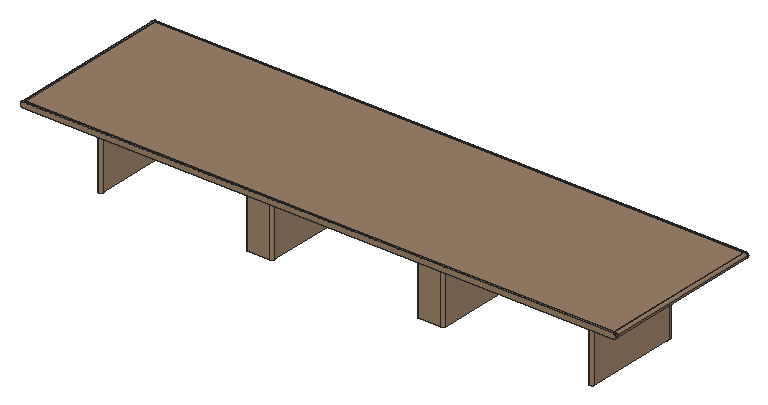
Revit family "Table-Teknion-CFTBFG_Figure_Table_Rectangular_Gable_Leg_Bullnose_Flat_Edge-R2023", category Furniture, Revit 2023 (continued)
Lines and regions (in)
  symbolic lines, style "FurnitureHiddenLines", visible <- "Softened Panel 2", detail levels medium+fine
    curve 351: arc (26, -17, 28) -> (26.29289, -17.70711, 28) -> (27, -18, 28) r 1
    curve 352: line (27, -18, 28) -> (35, -18, 28)
    curve 353: arc (35, -18, 28) -> (35.70711, -17.70711, 28) -> (36, -17, 28) r 1
    curve 354: line (35.25, 17.25, 28) -> (26.75, 17.25, 28)
    curve 355: line (26.75, 17.25, 28) -> (26.75, -17.25, 28)
    curve 356: line (26.75, -17.25, 28) -> (35.25, -17.25, 28)
    curve 357: line (35.25, -17.25, 28) -> (35.25, 17.25, 28)
    curve 398: line (88, 12, 0) -> (36, 12, 0)
    curve 399: line (88, 10.932, 0) -> (36, 10.932, 0)
    curve 400: line (88, 9, 0) -> (36, 9, 0)
    curve 401: line (-88, 7.932, 0) -> (-36, 7.932, 0)
    curve 402: line (88, -7.932, 0) -> (36, -7.932, 0)
    curve 403: line (88, -9, 0) -> (36, -9, 0)
    curve 404: line (-88, -10.932, 0) -> (-36, -10.932, 0)
    curve 405: line (88, -12, 0) -> (36, -12, 0)
    curve 406: line (-36, 12, 0) -> (-88, 12, 0)
    curve 407: line (-36, 10.932, 0) -> (-88, 10.932, 0)
    curve 408: line (-36, 9, 0) -> (-88, 9, 0)
    curve 409: line (-26, 7.932, 0) -> (26, 7.932, 0)
    curve 410: line (-36, -7.932, 0) -> (-88, -7.932, 0)
    curve 411: line (-36, -9, 0) -> (-88, -9, 0)
    curve 412: line (-26, -10.932, 0) -> (26, -10.932, 0)
    curve 413: line (-36, -12, 0) -> (-88, -12, 0)
    curve 414: line (26, 12, 0) -> (-26, 12, 0)
    curve 415: line (26, 10.932, 0) -> (-26, 10.932, 0)
    curve 416: line (26, 9, 0) -> (-26, 9, 0)
    curve 417: line (26, -9, 0) -> (-26, -9, 0)
    curve 418: line (26, -7.932, 0) -> (-26, -7.932, 0)
    curve 419: line (26, -12, 0) -> (-26, -12, 0)
    curve 420: line (36, 7.932, 0) -> (88, 7.932, 0)
    curve 421: line (36, -10.932, 0) -> (88, -10.932, 0)
  symbolic lines, style "FurnitureHiddenLines", visible <- "2D - Softened 2 + 36" Panel Width", detail levels medium+fine
    curve 258: line (-28.5, 5, 28) -> (-33.5, 5, 28)
    curve 259: line (-33.5, -5, 28) -> (-28.5, -5, 28)
    curve 260: line (-34, -4.5, 28) -> (-34, -2.64575, 28)
    curve 261: line (-34, 2.64575, 28) -> (-34, 4.5, 28)
    curve 262: arc (-34, 4.5, 28) -> (-33.85355, 4.85355, 28) -> (-33.5, 5, 28) r 0.5
    curve 263: arc (-28.5, 5, 28) -> (-28.14645, 4.85355, 28) -> (-28, 4.5, 28) r 0.5
    curve 264: line (-28, 4.5, 28) -> (-28, 2.64575, 28)
    curve 265: line (-28, -2.64575, 28) -> (-28, -4.5, 28)
    curve 266: arc (-28, -4.5, 28) -> (-28.14645, -4.85355, 28) -> (-28.5, -5, 28) r 0.5
    curve 267: arc (-33.5, -5, 28) -> (-33.85355, -4.85355, 28) -> (-34, -4.5, 28) r 0.5
    curve 358: line (33.5, 5, 28) -> (28.5, 5, 28)
    curve 359: line (28.5, -5, 28) -> (33.5, -5, 28)
    curve 360: line (28, -4.5, 28) -> (28, -2.64575, 28)
    curve 361: line (28, 2.64575, 28) -> (28, 4.5, 28)
    curve 362: arc (28, 4.5, 28) -> (28.14645, 4.85355, 28) -> (28.5, 5, 28) r 0.5
    curve 363: arc (33.5, 5, 28) -> (33.85355, 4.85355, 28) -> (34, 4.5, 28) r 0.5
    curve 364: line (34, 4.5, 28) -> (34, 2.64575, 28)
    curve 365: line (34, -2.64575, 28) -> (34, -4.5, 28)
    curve 366: arc (34, -4.5, 28) -> (33.85355, -4.85355, 28) -> (33.5, -5, 28) r 0.5
    curve 367: arc (28.5, -5, 28) -> (28.14645, -4.85355, 28) -> (28, -4.5, 28) r 0.5
  symbolic lines, style "FurnitureHiddenLines", visible <- "2D - Softened 2 + 30" Panel Width", detail levels medium+fine
    curve 268: line (-35.25, 4, 28) -> (-36, 4, 28)
    curve 269: line (-36, 3, 28) -> (-35.25, 3, 28)
    curve 270: line (-36, -3, 28) -> (-35.25, -3, 28)
    curve 271: line (-36, -4, 28) -> (-35.25, -4, 28)
    curve 272: line (-26.75, -3, 28) -> (-26, -3, 28)
    curve 273: line (-26.75, 3, 28) -> (-26, 3, 28)
    curve 274: line (-34, 4.5, 28) -> (-34, -4.5, 28)
    curve 275: line (-28, -4.5, 28) -> (-28, 4.5, 28)
    curve 276: line (-28.5, -5, 28) -> (-33.5, -5, 28)
    curve 277: line (-33.5, 5, 28) -> (-28.5, 5, 28)
    curve 278: arc (-28.5, 5, 28) -> (-28.14645, 4.85355, 28) -> (-28, 4.5, 28) r 0.5
    curve 279: arc (-34, 4.5, 28) -> (-33.85355, 4.85355, 28) -> (-33.5, 5, 28) r 0.5
    curve 280: arc (-33.5, -5, 28) -> (-33.85355, -4.85355, 28) -> (-34, -4.5, 28) r 0.5
    curve 281: arc (-28, -4.5, 28) -> (-28.14645, -4.85355, 28) -> (-28.5, -5, 28) r 0.5
    curve 368: line (26.75, 4, 28) -> (26, 4, 28)
    curve 369: line (26, 3, 28) -> (26.75, 3, 28)
    curve 370: line (26, -3, 28) -> (26.75, -3, 28)
    curve 371: line (26, -4, 28) -> (26.75, -4, 28)
    curve 372: line (35.25, -3, 28) -> (36, -3, 28)
    curve 373: line (35.25, 3, 28) -> (36, 3, 28)
    curve 374: line (28, 4.5, 28) -> (28, -4.5, 28)
    curve 375: line (34, -4.5, 28) -> (34, 4.5, 28)
    curve 376: line (33.5, -5, 28) -> (28.5, -5, 28)
    curve 377: line (28.5, 5, 28) -> (33.5, 5, 28)
    curve 378: arc (33.5, 5, 28) -> (33.85355, 4.85355, 28) -> (34, 4.5, 28) r 0.5
    curve 379: arc (28, 4.5, 28) -> (28.14645, 4.85355, 28) -> (28.5, 5, 28) r 0.5
    curve 380: arc (28.5, -5, 28) -> (28.14645, -4.85355, 28) -> (28, -4.5, 28) r 0.5
    curve 381: arc (34, -4.5, 28) -> (33.85355, -4.85355, 28) -> (33.5, -5, 28) r 0.5
  symbolic lines, style "FurnitureHiddenLines", visible <- "Softened Panel 2", detail levels fine
    curve 282: arc (-35.14645, 16.646, 28) -> (-34.64645, 17.146, 28) -> (-34.14645, 16.646, 28) r 0.5
    curve 283: arc (-34.14645, 16.646, 28) -> (-34.64645, 16.146, 28) -> (-35.14645, 16.646, 28) r 0.5
    curve 284: arc (-27.85355, 16.646, 28) -> (-27.35355, 17.146, 28) -> (-26.85355, 16.646, 28) r 0.5
    curve 285: arc (-26.85355, 16.646, 28) -> (-27.35355, 16.146, 28) -> (-27.85355, 16.646, 28) r 0.5
    curve 286: arc (-26.85355, -16.646, 28) -> (-27.35355, -16.146, 28) -> (-27.85355, -16.646, 28) r 0.5
    curve 287: arc (-27.85355, -16.646, 28) -> (-27.35355, -17.146, 28) -> (-26.85355, -16.646, 28) r 0.5
    curve 288: arc (-34.14645, -16.646, 28) -> (-34.64645, -16.146, 28) -> (-35.14645, -16.646, 28) r 0.5
    curve 289: arc (-35.14645, -16.646, 28) -> (-34.64645, -17.146, 28) -> (-34.14645, -16.646, 28) r 0.5
    curve 382: arc (26.85355, 16.646, 28) -> (27.35355, 17.146, 28) -> (27.85355, 16.646, 28) r 0.5
    curve 383: arc (27.85355, 16.646, 28) -> (27.35355, 16.146, 28) -> (26.85355, 16.646, 28) r 0.5
    curve 384: arc (34.14645, 16.646, 28) -> (34.64645, 17.146, 28) -> (35.14645, 16.646, 28) r 0.5
    curve 385: arc (35.14645, 16.646, 28) -> (34.64645, 16.146, 28) -> (34.14645, 16.646, 28) r 0.5
    curve 386: arc (35.14645, -16.646, 28) -> (34.64645, -16.146, 28) -> (34.14645, -16.646, 28) r 0.5
    curve 387: arc (34.14645, -16.646, 28) -> (34.64645, -17.146, 28) -> (35.14645, -16.646, 28) r 0.5
    curve 388: arc (27.85355, -16.646, 28) -> (27.35355, -16.146, 28) -> (26.85355, -16.646, 28) r 0.5
    curve 389: arc (26.85355, -16.646, 28) -> (27.35355, -17.146, 28) -> (27.85355, -16.646, 28) r 0.5
  symbolic lines, style "FurnitureHiddenLines", visible <- "Hexa Panel 2", detail levels medium+fine
    curve 290: line (30.32505, 18, 0) -> (31.67495, 18, 0)
    curve 291: line (36, 7.27625, 0) -> (31.67495, 18, 0)
    curve 292: line (30.32505, 18, 0) -> (26, 7.27625, 0)
    curve 293: line (36, -7.27625, 0) -> (36, 7.27625, 0)
    curve 294: line (26, 7.27625, 0) -> (26, -7.27625, 0)
    curve 295: line (31.67495, -18, 0) -> (36, -7.27625, 0)
    curve 296: line (26, -7.27625, 0) -> (30.32505, -18, 0)
    curve 297: line (30.32505, -18, 0) -> (31.67495, -18, 0)
    curve 298: line (31.89772, 17.13189, 0) -> (30.10228, 17.13189, 0)
    curve 299: line (30.10228, 17.13189, 0) -> (26.11811, 7.25333, 0)
    curve 300: line (26.11811, 7.25333, 0) -> (26.11811, -7.25333, 0)
    curve 301: line (26.11811, -7.25333, 0) -> (30.10228, -17.13189, 0)
    curve 302: line (30.10228, -17.13189, 0) -> (31.89772, -17.13189, 0)
    curve 303: line (31.89772, -17.13189, 0) -> (35.88189, -7.25333, 0)
    curve 304: line (35.88189, -7.25333, 0) -> (35.88189, 7.25333, 0)
    curve 305: line (35.88189, 7.25333, 0) -> (31.89772, 17.13189, 0)
    curve 318: line (-31.67495, 18, 0) -> (-30.32505, 18, 0)
    curve 319: line (-26, 7.27625, 0) -> (-30.32505, 18, 0)
    curve 320: line (-31.67495, 18, 0) -> (-36, 7.27625, 0)
    curve 321: line (-26, -7.27625, 0) -> (-26, 7.27625, 0)
    curve 322: line (-36, 7.27625, 0) -> (-36, -7.27625, 0)
    curve 323: line (-30.32505, -18, 0) -> (-26, -7.27625, 0)
    curve 324: line (-36, -7.27625, 0) -> (-31.67495, -18, 0)
    curve 325: line (-31.67495, -18, 0) -> (-30.32505, -18, 0)
    curve 326: line (-30.10228, 17.13189, 0) -> (-31.89772, 17.13189, 0)
    curve 327: line (-31.89772, 17.13189, 0) -> (-35.88189, 7.25333, 0)
    curve 328: line (-35.88189, 7.25333, 0) -> (-35.88189, -7.25333, 0)
    curve 329: line (-35.88189, -7.25333, 0) -> (-31.89772, -17.13189, 0)
    curve 330: line (-31.89772, -17.13189, 0) -> (-30.10228, -17.13189, 0)
    curve 331: line (-30.10228, -17.13189, 0) -> (-26.11811, -7.25333, 0)
    curve 332: line (-26.11811, -7.25333, 0) -> (-26.11811, 7.25333, 0)
    curve 333: line (-26.11811, 7.25333, 0) -> (-30.10228, 17.13189, 0)
    curve 422: line (88, 12, 0) -> (34.09484, 12, 0)
    curve 423: line (88, 10.932, 0) -> (34.52558, 10.932, 0)
    curve 424: line (88, 9, 0) -> (35.30479, 9, 0)
    curve 425: line (-88, 7.932, 0) -> (-35.73553, 7.932, 0)
    curve 426: line (88, -7.932, 0) -> (35.73553, -7.932, 0)
    curve 427: line (88, -9, 0) -> (35.30479, -9, 0)
    curve 428: line (-88, -10.932, 0) -> (-34.52558, -10.932, 0)
    curve 429: line (88, -12, 0) -> (34.09484, -12, 0)
    curve 430: line (-34.09484, 12, 0) -> (-88, 12, 0)
    curve 431: line (-34.52558, 10.932, 0) -> (-88, 10.932, 0)
    curve 432: line (-35.30479, 9, 0) -> (-88, 9, 0)
    curve 433: line (-26.26447, 7.932, 0) -> (26.26447, 7.932, 0)
    curve 434: line (-35.73553, -7.932, 0) -> (-88, -7.932, 0)
    curve 435: line (-35.30479, -9, 0) -> (-88, -9, 0)
    curve 436: line (-34.09484, -12, 0) -> (-88, -12, 0)
    curve 437: line (-27.47442, -10.932, 0) -> (27.47442, -10.932, 0)
    curve 438: line (27.90516, 12, 0) -> (-27.90516, 12, 0)
    curve 439: line (27.47442, 10.932, 0) -> (-27.47442, 10.932, 0)
    curve 440: line (26.69521, 9, 0) -> (-26.69521, 9, 0)
    curve 441: line (35.73553, 7.932, 0) -> (88, 7.932, 0)
    curve 442: line (26.69521, -9, 0) -> (-26.69521, -9, 0)
    curve 443: line (26.26447, -7.932, 0) -> (-26.26447, -7.932, 0)
    curve 444: line (34.52558, -10.932, 0) -> (88, -10.932, 0)
    curve 445: line (27.90516, -12, 0) -> (-27.90516, -12, 0)
  symbolic lines, style "FurnitureHiddenLines", visible <- "Hexa Panel 2", detail levels fine
    curve 306: arc (30.5, 15.5, 0) -> (31, 16, 0) -> (31.5, 15.5, 0) r 0.5
    curve 307: arc (31.5, 15.5, 0) -> (31, 15, 0) -> (30.5, 15.5, 0) r 0.5
    curve 308: arc (26.59057, 7.06461, 0) -> (27.09057, 7.56461, 0) -> (27.59057, 7.06461, 0) r 0.5
    curve 309: arc (27.59057, 7.06461, 0) -> (27.09057, 6.56461, 0) -> (26.59057, 7.06461, 0) r 0.5
    curve 310: arc (34.40943, 7.06461, 0) -> (34.90943, 7.56461, 0) -> (35.40943, 7.06461, 0) r 0.5
    curve 311: arc (35.40943, 7.06461, 0) -> (34.90943, 6.56461, 0) -> (34.40943, 7.06461, 0) r 0.5
    curve 312: arc (27.59057, -7.06461, 0) -> (27.09057, -6.56461, 0) -> (26.59057, -7.06461, 0) r 0.5
    curve 313: arc (26.59057, -7.06461, 0) -> (27.09057, -7.56461, 0) -> (27.59057, -7.06461, 0) r 0.5
    curve 314: arc (35.40943, -7.06461, 0) -> (34.90943, -6.56461, 0) -> (34.40943, -7.06461, 0) r 0.5
    curve 315: arc (34.40943, -7.06461, 0) -> (34.90943, -7.56461, 0) -> (35.40943, -7.06461, 0) r 0.5
    curve 316: arc (31.5, -15.5, 0) -> (31, -15, 0) -> (30.5, -15.5, 0) r 0.5
    curve 317: arc (30.5, -15.5, 0) -> (31, -16, 0) -> (31.5, -15.5, 0) r 0.5
    curve 334: arc (-31.5, 15.5, 0) -> (-31, 16, 0) -> (-30.5, 15.5, 0) r 0.5
    curve 335: arc (-30.5, 15.5, 0) -> (-31, 15, 0) -> (-31.5, 15.5, 0) r 0.5
    curve 336: arc (-35.40943, 7.06461, 0) -> (-34.90943, 7.56461, 0) -> (-34.40943, 7.06461, 0) r 0.5
    curve 337: arc (-34.40943, 7.06461, 0) -> (-34.90943, 6.56461, 0) -> (-35.40943, 7.06461, 0) r 0.5
    curve 338: arc (-27.59057, 7.06461, 0) -> (-27.09057, 7.56461, 0) -> (-26.59057, 7.06461, 0) r 0.5
    curve 339: arc (-26.59057, 7.06461, 0) -> (-27.09057, 6.56461, 0) -> (-27.59057, 7.06461, 0) r 0.5
    curve 340: arc (-34.40943, -7.06461, 0) -> (-34.90943, -6.56461, 0) -> (-35.40943, -7.06461, 0) r 0.5
    curve 341: arc (-35.40943, -7.06461, 0) -> (-34.90943, -7.56461, 0) -> (-34.40943, -7.06461, 0) r 0.5
    curve 342: arc (-26.59057, -7.06461, 0) -> (-27.09057, -6.56461, 0) -> (-27.59057, -7.06461, 0) r 0.5
    curve 343: arc (-27.59057, -7.06461, 0) -> (-27.09057, -7.56461, 0) -> (-26.59057, -7.06461, 0) r 0.5
    curve 344: arc (-30.5, -15.5, 0) -> (-31, -15, 0) -> (-31.5, -15.5, 0) r 0.5
    curve 345: arc (-31.5, -15.5, 0) -> (-31, -16, 0) -> (-30.5, -15.5, 0) r 0.5
  symbolic lines, style "FurnitureHiddenLines", visible <- "N - No Central Base", detail levels medium+fine
    curve 390: line (88, 12, 0) -> (-88, 12, 0)
    curve 391: line (88, 10.932, 0) -> (-88, 10.932, 0)
    curve 392: line (88, 9, 0) -> (-88, 9, 0)
    curve 393: line (-88, 7.932, 0) -> (88, 7.932, 0)
    curve 394: line (88, -7.932, 0) -> (-88, -7.932, 0)
    curve 395: line (-88, -10.932, 0) -> (88, -10.932, 0)
    curve 396: line (88, -12, 0) -> (-88, -12, 0)
    curve 397: line (88, -9, 0) -> (-88, -9, 0)
  symbolic lines, style "FurnitureHiddenLines", detail levels fine
    curve 490: arc (89, 16, 0) -> (89.5, 16.5, 0) -> (89, 17, 0) r 0.5
    curve 491: arc (89, 17, 0) -> (88.5, 16.5, 0) -> (89, 16, 0) r 0.5
    curve 492: arc (89, -17, 0) -> (89.5, -16.5, 0) -> (89, -16, 0) r 0.5
    curve 493: arc (89, -16, 0) -> (88.5, -16.5, 0) -> (89, -17, 0) r 0.5
    curve 494: arc (-89, 16, 0) -> (-88.5, 16.5, 0) -> (-89, 17, 0) r 0.5
    curve 495: arc (-89, 17, 0) -> (-89.5, 16.5, 0) -> (-89, 16, 0) r 0.5
    curve 496: arc (-89, -17, 0) -> (-88.5, -16.5, 0) -> (-89, -16, 0) r 0.5
    curve 497: arc (-89, -16, 0) -> (-89.5, -16.5, 0) -> (-89, -17, 0) r 0.5
Dimensions and locks (in)
  "Width": plane 4 "Left" to plane 5 "Right"
  "Depth": plane 6 "Back" to plane 7 "Front"
  locked: plane 8 "Top" to level at 29
  equal spacing: plane 6 "Back", plane 1 "Center Front/Back", plane 7 "Front"
  equal spacing: plane 4 "Left", plane 3 "Center Left/Right", plane 5 "Right"
  locked: plane 6 "Back" to Sweep 1 sketch curve at 0.56299
  locked: plane 7 "Front" to Sweep 1 sketch curve at 0.56299
  Sweep 1 sketch curve to Sweep 1 sketch curve to plane 5 "Right" = 0.250" locked, 1.000" locked
  plane 8 "Top" to Sweep 1 sketch curve to Sweep 1 sketch curve = 1.000" locked, 1.000" locked  (x2)
  Sweep 1 sketch curve to Sweep 1 sketch curve to plane 4 "Left" = 0.250" locked, 1.000" locked
  locked: plane 8 "Top" to Sweep 2 sketch curve at 2
  locked: plane 4 "Left" to Sweep 2 sketch curve at 1.25
  locked: plane 6 "Back" to Sweep 2 sketch curve at 0.56299
  locked: plane 7 "Front" to Sweep 2 sketch curve at 0.56299
  locked: Sweep 2 sketch curve to plane 5 "Right" at 1.25
  plane 8 "Top" to Sweep 3 sketch curve to Sweep 3 sketch curve = 1.500" locked, 1.000" locked
  locked: plane 4 "Left" to Sweep 3 sketch curve at 6
  locked: plane 7 "Front" to Sweep 3 sketch curve at 6
  locked: plane 6 "Back" to Sweep 3 sketch curve at 6
  locked: Sweep 3 sketch curve to plane 5 "Right" at 6
  Sweep 4 sketch curve to Sweep 4 sketch curve to plane 8 "Top" = 0.750" locked, 1.500" locked
  locked: plane 4 "Left" to Sweep 4 sketch curve at 8
  locked: Sweep 4 sketch curve to plane 5 "Right" at 8
  locked: plane 6 "Back" to Sweep 4 sketch curve at 8
  locked: plane 7 "Front" to Sweep 4 sketch curve at 8
  Sweep 5 sketch curve to Sweep 5 sketch curve to Sweep 5 sketch curve to Sweep 5 sketch curve = 1.068" locked, 1.932" locked, 1.068" locked  (x2)
  plane 8 "Top" to Sweep 5 sketch curve to Sweep 5 sketch curve = 2.250" locked, 8.000" locked
  Sweep 6 sketch curve to Sweep 6 sketch curve to plane 8 "Top" = 14.000" locked, 2.000" locked
  plane 4 "Left" to plane 9 = 19.000"
  plane 10 to plane 5 "Right" = 19.000"
  "Dim 1": plane 4 "Left" to plane 11
  "Dim 1": plane 12 to plane 5 "Right"
  locked: Sweep 7 sketch curve to plane 2 at 14
  "Cut - Central Base - Hexa 1": Sweep 7 sketch curve to Sweep 7 sketch curve
  Sweep 7 sketch curve to Sweep 7 sketch curve to plane 3 "Center Left/Right" to Sweep 7 sketch curve to Sweep 7 sketch curve = 2.31906" locked, 2.68094" locked, 2.68094" locked, 2.31906" locked  (x2)
  plane 7 "Front" to Sweep 7 sketch curve to Sweep 7 sketch curve = 16.97375" locked, 5.750" locked
  plane 6 "Back" to Sweep 7 sketch curve to Sweep 7 sketch curve = 16.97375" locked, 5.750" locked
  locked: plane 7 "Front" to Sweep 8 sketch curve at 0.56299
  locked: Sweep 8 sketch curve to plane 4 "Left" at 1
  locked: plane 8 "Top" to Sweep 8 sketch curve at 2
  locked: Sweep 8 sketch curve to plane 5 "Right" at 1
  locked: plane 6 "Back" to Sweep 9 sketch curve at 0.56299
  locked: plane 8 "Top" to Sweep 9 sketch curve at 2
  locked: Sweep 9 sketch curve to plane 5 "Right" at 1
  locked: Sweep 9 sketch curve to plane 4 "Left" at 1
  equal spacing: plane 4 "Left", plane 13, plane 14, plane 5 "Right"
  locked: plane 8 "Top" to plane 15 at 1
  locked: plane 8 "Top" to Sweep 10 sketch curve at 5.5
  "Cut - WK - 2 & 3 AF": Sweep 10 sketch curve to Sweep 10 sketch curve
  Sweep 10 sketch curve to Sweep 10 sketch curve to plane 11 to Sweep 10 sketch curve to Sweep 10 sketch curve = 0.500" locked, 8.25004" locked, 8.24996" locked, 0.500" locked
  Sweep 10 sketch curve to Sweep 10 sketch curve to plane 1 "Center Front/Back" to Sweep 10 sketch curve to Sweep 10 sketch curve = 0.500" locked, 3.250" locked, 3.250" locked, 0.500" locked  (x2)
  Sweep 10 sketch curve to Sweep 10 sketch curve to plane 12 to Sweep 10 sketch curve to Sweep 10 sketch curve = 0.500" locked, 8.25004" locked, 8.24996" locked, 0.500" locked
  locked: plane 8 "Top" to Sweep 11 sketch curve at 5.5
  "Cut - WK - 1 & 3 AF": Sweep 11 sketch curve to Sweep 11 sketch curve
  Sweep 11 sketch curve to Sweep 11 sketch curve to plane 3 "Center Left/Right" to Sweep 11 sketch curve to Sweep 11 sketch curve = 0.500" locked, 8.250" locked, 8.250" locked, 0.500" locked
  Sweep 11 sketch curve to Sweep 11 sketch curve to plane 1 "Center Front/Back" to Sweep 11 sketch curve to Sweep 11 sketch curve = 0.500" locked, 3.250" locked, 3.250" locked, 0.500" locked
  locked: Sweep 12 sketch curve to plane 8 "Top" at 2.5
  "Cut - WK - 2 & 3 AF": Sweep 12 sketch curve to Sweep 12 sketch curve
  Sweep 12 sketch curve to Sweep 12 sketch curve to plane 11 to Sweep 12 sketch curve to Sweep 12 sketch curve = 0.3937" locked, 5.52367" locked, 5.52358" locked, 0.3937" locked
  Sweep 12 sketch curve to Sweep 12 sketch curve to plane 1 "Center Front/Back" to Sweep 12 sketch curve to Sweep 12 sketch curve = 0.3937" locked, 2.29921" locked, 2.29921" locked, 0.3937" locked  (x2)
  Sweep 12 sketch curve to Sweep 12 sketch curve to plane 12 to Sweep 12 sketch curve to Sweep 12 sketch curve = 0.3937" locked, 5.52358" locked, 5.52367" locked, 0.3937" locked
  locked: Sweep 13 sketch curve to plane 8 "Top" at 2.5
  "Cut - WK - 1 & 3 AF": Sweep 13 sketch curve to Sweep 13 sketch curve
  Sweep 13 sketch curve to Sweep 13 sketch curve to plane 1 "Center Front/Back" to Sweep 13 sketch curve to Sweep 13 sketch curve = 0.3937" locked, 2.29921" locked, 2.29921" locked, 0.3937" locked
  Sweep 13 sketch curve to Sweep 13 sketch curve to plane 3 "Center Left/Right" to Sweep 13 sketch curve to Sweep 13 sketch curve = 0.3937" locked, 5.52362" locked, 5.52362" locked, 0.3937" locked
  "Cut - Central Base - Softened 1": Sweep 14 sketch curve to Sweep 14 sketch curve
  locked: plane 8 "Top" to Sweep 14 sketch curve at 14
  Sweep 14 sketch curve to plane 1 "Center Front/Back" to Sweep 14 sketch curve = 13.93709" locked, 13.93709" locked
  Sweep 14 sketch curve to plane 3 "Center Left/Right" to Sweep 14 sketch curve = 5.000" locked, 5.000" locked
  "Dim 2": plane 7 "Front" to Sweep 5 sketch curve
  "Dim 2": Sweep 5 sketch curve to plane 6 "Back"
  "Dim 2": plane 6 "Back" to Sweep 6 sketch curve
  locked: Sweep 6 sketch curve to Sweep 6 sketch curve at 4.068  (x4)
  "Dim 2": Sweep 6 sketch curve to plane 7 "Front"
  "Dim 2": Sweep 6 sketch curve to plane 6 "Back"
  "Dim 2": plane 7 "Front" to Sweep 6 sketch curve
  locked: plane 9 to Sweep 6 sketch curve at 1
  locked: Sweep 6 sketch curve to plane 10 at 1
  "Dim 3": plane 4 "Left" to plane 16
  "Dim 3": plane 17 to plane 5 "Right"
  "Cut - Central Base - Softened 2": Sweep 15 sketch curve to Sweep 15 sketch curve
  Sweep 15 sketch curve to plane 16 to Sweep 15 sketch curve = 5.000" locked, 5.000" locked
  Sweep 15 sketch curve to plane 1 "Center Front/Back" to Sweep 15 sketch curve = 13.93709" locked, 13.93709" locked  (x2)
  Sweep 15 sketch curve to plane 17 to Sweep 15 sketch curve = 5.000" locked, 5.000" locked
  locked: plane 8 "Top" to Sweep 15 sketch curve at 14
  locked: plane 8 "Top" to Sweep 16 sketch curve at 15
  "Cut - Central Base - Hexa 2": Sweep 16 sketch curve to Sweep 16 sketch curve
  Sweep 16 sketch curve to Sweep 16 sketch curve to plane 16 to Sweep 16 sketch curve to Sweep 16 sketch curve = 2.31906" locked, 2.68094" locked, 2.68094" locked, 2.31906" locked  (x2)
  plane 6 "Back" to Sweep 16 sketch curve to Sweep 16 sketch curve = 16.97375" locked, 5.750" locked  (x2)
  plane 7 "Front" to Sweep 16 sketch curve to Sweep 16 sketch curve = 16.97375" locked, 5.750" locked  (x2)
  Sweep 16 sketch curve to Sweep 16 sketch curve to plane 17 to Sweep 16 sketch curve to Sweep 16 sketch curve = 2.31906" locked, 2.68094" locked, 2.68094" locked, 2.31906" locked  (x2)
  aligned and locked: level to plane 2
  aligned and locked: Sweep 1 sketch curve to plane 3 "Center Left/Right"
  aligned and locked: Sweep 1 sketch curve to plane 8 "Top"
  aligned and locked: plane 8 "Top" to Sweep 1 sketch curve
  aligned and locked: Sweep 2 sketch curve to plane 3 "Center Left/Right"
  aligned and locked: plane 8 "Top" to Sweep 2 sketch curve
  aligned and locked: Sweep 3 sketch curve to plane 3 "Center Left/Right"
  aligned and locked: Sweep 4 sketch curve to plane 3 "Center Left/Right"
  aligned and locked: plane 1 "Center Front/Back" to Sweep 5 sketch curve
  aligned and locked: Sweep 5 sketch curve to Sweep 5 sketch curve  (x2)
  aligned and locked: Sweep 6 sketch curve to plane 3 "Center Left/Right"
  aligned and locked: plane 3 "Center Left/Right" to nested 1
  aligned and locked: plane 1 "Center Front/Back" to nested 1
  aligned and locked: nested 1 to Sweep 7 sketch curve
  aligned and locked: plane 3 "Center Left/Right" to Sweep 8 sketch curve
  aligned and locked: plane 7 "Front" to Sweep 8 sketch curve
  aligned and locked: plane 8 "Top" to Sweep 8 sketch curve
  aligned and locked: plane 4 "Left" to Sweep 8 sketch curve
  aligned and locked: plane 5 "Right" to Sweep 8 sketch curve
  aligned and locked: Sweep 9 sketch curve to plane 3 "Center Left/Right"
  aligned and locked: plane 6 "Back" to Sweep 9 sketch curve
  aligned and locked: plane 8 "Top" to Sweep 9 sketch curve
  aligned and locked: plane 5 "Right" to Sweep 9 sketch curve
  aligned and locked: plane 4 "Left" to Sweep 9 sketch curve
  aligned and locked: Sweep 10 sketch curve to plane 3 "Center Left/Right"
  aligned and locked: plane 3 "Center Left/Right" to Sweep 11 sketch curve
  aligned and locked: plane 11 to nested 3
  aligned and locked: plane 3 "Center Left/Right" to nested 4
  aligned and locked: nested 2 to plane 12
  aligned and locked: plane 8 "Top" to nested 3
  aligned and locked: plane 8 "Top" to nested 4
  aligned and locked: plane 8 "Top" to nested 2
  aligned and locked: Sweep 12 sketch curve to plane 3 "Center Left/Right"
  aligned and locked: plane 3 "Center Left/Right" to Sweep 13 sketch curve
  aligned and locked: plane 3 "Center Left/Right" to Sweep 14 sketch curve
  aligned and locked: plane 1 "Center Front/Back" to nested 3
  aligned and locked: plane 1 "Center Front/Back" to nested 4
  aligned and locked: plane 1 "Center Front/Back" to nested 2
  aligned and locked: plane 3 "Center Left/Right" to nested 5
  aligned and locked: plane 9 to Sweep 6 sketch curve
  aligned and locked: curve 1 to plane 8 "Top"
  aligned and locked: curve 2 to curve 1
  aligned and locked: curve 3 to curve 1
  aligned and locked: Sweep 12 to curve 4
  aligned and locked: curve 5 to Sweep 12
  aligned and locked: curve 6 to plane 8 "Top"
  aligned and locked: curve 7 to plane 8 "Top"
  aligned and locked: plane 4 "Left" to Masking region 1 sketch curve
  aligned and locked: plane 5 "Right" to Masking region 1 sketch curve
  aligned and locked: Masking region 1 sketch curve to plane 6 "Back"
  aligned and locked: Masking region 1 sketch curve to plane 7 "Front"
  aligned and locked: plane 5 "Right" to Masking region 2 sketch curve
  aligned and locked: plane 7 "Front" to Masking region 2 sketch curve
  aligned and locked: Masking region 2 sketch curve to plane 4 "Left"
  aligned and locked: Masking region 2 sketch curve to plane 6 "Back"
  aligned and locked: Masking region 2 sketch curve to nested 4  (x4)
  aligned and locked: Masking region 3 sketch curve to plane 6 "Back"
  aligned and locked: plane 7 "Front" to Masking region 3 sketch curve
  aligned and locked: plane 5 "Right" to Masking region 3 sketch curve
  aligned and locked: Masking region 3 sketch curve to plane 4 "Left"
  aligned and locked: Masking region 3 sketch curve to nested 3  (x4)
  aligned and locked: Masking region 3 sketch curve to nested 2  (x4)
  aligned and locked: Masking region 4 sketch curve to plane 6 "Back"
  aligned and locked: plane 7 "Front" to Masking region 4 sketch curve
  aligned and locked: plane 5 "Right" to Masking region 4 sketch curve
  aligned and locked: Masking region 4 sketch curve to plane 4 "Left"
  aligned and locked: Masking region 4 sketch curve to nested 3  (x4)
  aligned and locked: Masking region 4 sketch curve to nested 4  (x4)
  aligned and locked: Masking region 4 sketch curve to nested 2  (x4)
  aligned and locked: Masking region 5 sketch curve to nested 3  (x12)
  aligned and locked: nested 3 to Masking region 5 sketch curve  (x5)
  aligned and locked: Masking region 5 sketch curve to nested 2  (x14)
  aligned and locked: nested 2 to Masking region 5 sketch curve  (x6)
  aligned and locked: Masking region 6 sketch curve to nested 4  (x14)
  aligned and locked: nested 4 to Masking region 6 sketch curve  (x5)
  aligned and locked: nested 1 to Masking region 7 sketch curve  (x2)
  aligned and locked: Masking region 7 sketch curve to nested 4
  aligned and locked: nested 4 to Masking region 7 sketch curve  (x3)
  aligned and locked: Masking region 7 sketch curve to nested 1  (x2)
  aligned and locked: Sweep 14 to Masking region 8 sketch curve  (x2)
  aligned and locked: nested 4 to Masking region 8 sketch curve  (x7)
  aligned and locked: Masking region 8 sketch curve to nested 5  (x4)
  aligned and locked: Masking region 8 sketch curve to Sweep 14  (x2)
  aligned and locked: Masking region 8 sketch curve to nested 4
  aligned and locked: nested 4 to Masking region 9 sketch curve  (x8)
  aligned and locked: nested 5 to Masking region 9 sketch curve  (x4)
  aligned and locked: Masking region 9 sketch curve to Sweep 14  (x4)
  aligned and locked: curve 8 to nested 3
  aligned and locked: curve 9 to nested 3
  aligned and locked: curve 10 to nested 3
  aligned and locked: curve 11 to nested 3
  aligned and locked: curve 12 to nested 4
  aligned and locked: curve 13 to nested 4
  aligned and locked: curve 14 to nested 4
  aligned and locked: curve 15 to nested 4
  aligned and locked: curve 16 to nested 2
  aligned and locked: curve 17 to nested 2
  aligned and locked: curve 18 to nested 2
  aligned and locked: curve 19 to nested 2
  aligned and locked: curve 21 to nested 3
  aligned and locked: curve 23 to nested 3
  aligned and locked: curve 25 to nested 3
  aligned and locked: curve 27 to nested 3
  aligned and locked: curve 28 to nested 3
  aligned and locked: curve 29 to nested 3
  aligned and locked: curve 30 to nested 3
  aligned and locked: curve 31 to nested 3
  aligned and locked: curve 32 to nested 3
  aligned and locked: curve 33 to nested 3
  aligned and locked: curve 34 to nested 3
  aligned and locked: curve 35 to nested 3
  aligned and locked: curve 36 to nested 3
  aligned and locked: curve 37 to nested 3
  aligned and locked: curve 38 to nested 3
  aligned and locked: curve 39 to nested 3
  aligned and locked: curve 40 to nested 3
  aligned and locked: curve 41 to nested 3
  aligned and locked: curve 42 to nested 3
  aligned and locked: curve 43 to nested 3
  aligned and locked: curve 44 to nested 3
  aligned and locked: curve 45 to nested 3
  aligned and locked: curve 46 to nested 3
  aligned and locked: curve 47 to nested 3
  aligned and locked: curve 49 to nested 4
  aligned and locked: curve 51 to nested 4
  aligned and locked: curve 53 to nested 4
  aligned and locked: curve 55 to nested 4
  aligned and locked: curve 56 to nested 4
  aligned and locked: curve 57 to nested 4
  aligned and locked: curve 58 to nested 4
  aligned and locked: curve 59 to nested 4
  aligned and locked: curve 60 to nested 4
  aligned and locked: curve 61 to nested 4
  aligned and locked: curve 62 to nested 4
  aligned and locked: curve 63 to nested 4
  aligned and locked: curve 64 to nested 4
  aligned and locked: curve 65 to nested 4
  aligned and locked: curve 66 to nested 4
  aligned and locked: curve 67 to nested 4
  aligned and locked: curve 68 to nested 4
  aligned and locked: curve 69 to nested 4
  aligned and locked: curve 70 to nested 4
  aligned and locked: curve 71 to nested 4
  aligned and locked: curve 72 to nested 4
  aligned and locked: curve 73 to nested 4
  aligned and locked: curve 74 to nested 4
  aligned and locked: curve 75 to nested 4
  aligned and locked: curve 77 to nested 2
  aligned and locked: curve 79 to nested 2
  aligned and locked: curve 81 to nested 2
  aligned and locked: curve 83 to nested 2
  aligned and locked: curve 84 to nested 2
  aligned and locked: curve 85 to nested 2
  aligned and locked: curve 86 to nested 2
  aligned and locked: curve 87 to nested 2
  aligned and locked: curve 88 to nested 2
  aligned and locked: curve 89 to nested 2
  aligned and locked: curve 90 to nested 2
  aligned and locked: curve 91 to nested 2
  aligned and locked: curve 92 to nested 2
  aligned and locked: curve 93 to nested 2
  aligned and locked: curve 94 to nested 2
  aligned and locked: curve 95 to nested 2
  aligned and locked: curve 96 to nested 2
  aligned and locked: curve 97 to nested 2
  aligned and locked: curve 98 to nested 2
  aligned and locked: curve 99 to nested 2
  aligned and locked: curve 100 to nested 2
  aligned and locked: curve 101 to nested 2
  aligned and locked: curve 102 to nested 2
  aligned and locked: curve 103 to nested 2
  aligned and locked: curve 105 to Sweep 12
  aligned and locked: curve 107 to Sweep 12
  aligned and locked: curve 109 to Sweep 12
  aligned and locked: curve 111 to Sweep 12
  aligned and locked: curve 113 to Sweep 13
  aligned and locked: curve 115 to Sweep 13
  aligned and locked: curve 117 to Sweep 13
  aligned and locked: curve 119 to Sweep 13
  aligned and locked: curve 121 to Sweep 12
  aligned and locked: curve 123 to Sweep 12
  aligned and locked: curve 125 to Sweep 12
  aligned and locked: curve 127 to Sweep 12
  aligned and locked: curve 128 to cut or joined group of Sweep 2, Sweep 3, Sweep 4, Sweep 10, Sweep 11, Sweep 12, Sweep 13
  aligned and locked: Sweep 1 to curve 129
  aligned and locked: curve 130 to cut or joined group of Sweep 2, Sweep 3, Sweep 4, Sweep 10, Sweep 11, Sweep 12, Sweep 13
  aligned and locked: Sweep 1 to curve 131
  aligned and locked: curve 132 to cut or joined group of Sweep 2, Sweep 3, Sweep 4, Sweep 10, Sweep 11, Sweep 12, Sweep 13
  aligned and locked: curve 133 to cut or joined group of Sweep 2, Sweep 3, Sweep 4, Sweep 10, Sweep 11, Sweep 12, Sweep 13
  aligned and locked: curve 134 to cut or joined group of Sweep 2, Sweep 3, Sweep 4, Sweep 10, Sweep 11, Sweep 12, Sweep 13
  aligned and locked: curve 135 to cut or joined group of Sweep 2, Sweep 3, Sweep 4, Sweep 10, Sweep 11, Sweep 12, Sweep 13
  aligned and locked: curve 136 to cut or joined group of Sweep 2, Sweep 3, Sweep 4, Sweep 10, Sweep 11, Sweep 12, Sweep 13
  aligned and locked: curve 137 to cut or joined group of Sweep 2, Sweep 3, Sweep 4, Sweep 10, Sweep 11, Sweep 12, Sweep 13
  aligned and locked: curve 138 to cut or joined group of Sweep 2, Sweep 3, Sweep 4, Sweep 10, Sweep 11, Sweep 12, Sweep 13
  aligned and locked: curve 139 to cut or joined group of Sweep 2, Sweep 3, Sweep 4, Sweep 10, Sweep 11, Sweep 12, Sweep 13
  aligned and locked: curve 141 to nested 5
  aligned and locked: curve 143 to nested 5
  aligned and locked: curve 145 to nested 5
  aligned and locked: curve 147 to nested 5
  aligned and locked: curve 149 to nested 5
  aligned and locked: curve 150 to nested 5
  aligned and locked: curve 151 to nested 5
  aligned and locked: curve 155 to nested 5
  aligned and locked: curve 156 to nested 5
  aligned and locked: curve 157 to nested 5
  aligned and locked: curve 158 to nested 5
  aligned and locked: curve 160 to nested 5
  aligned and locked: curve 161 to nested 5
  aligned and locked: curve 162 to nested 5
  aligned and locked: curve 163 to nested 5
  aligned and locked: curve 164 to nested 5
  aligned and locked: curve 165 to nested 5
  aligned and locked: curve 166 to nested 5
  aligned and locked: curve 167 to nested 5
  aligned and locked: curve 168 to nested 5
  aligned and locked: curve 169 to nested 5
  aligned and locked: curve 170 to nested 5
  aligned and locked: curve 171 to nested 5
  aligned and locked: curve 174 to nested 5
  aligned and locked: curve 175 to nested 5
  aligned and locked: curve 176 to nested 5
  aligned and locked: curve 177 to nested 5
  aligned and locked: curve 178 to nested 5
  aligned and locked: curve 179 to nested 5
  aligned and locked: curve 180 to nested 5
  aligned and locked: curve 181 to nested 5
  aligned and locked: curve 182 to nested 5
  aligned and locked: curve 183 to nested 5
  aligned and locked: curve 184 to nested 5
  aligned and locked: curve 185 to nested 5
  aligned and locked: curve 186 to nested 5
  aligned and locked: curve 187 to nested 5
  aligned and locked: curve 188 to nested 5
  aligned and locked: curve 189 to nested 5
  aligned and locked: curve 191 to Sweep 10
  aligned and locked: curve 193 to Sweep 10
  aligned and locked: curve 195 to Sweep 10
  aligned and locked: curve 197 to Sweep 10
  aligned and locked: curve 199 to Sweep 10
  aligned and locked: curve 201 to Sweep 10
  aligned and locked: curve 203 to Sweep 10
  aligned and locked: curve 205 to Sweep 10
  aligned and locked: curve 207 to Sweep 11
  aligned and locked: curve 209 to Sweep 11
  aligned and locked: curve 211 to Sweep 11
  aligned and locked: curve 213 to Sweep 11
  aligned and locked: curve 214 to plane 6 "Back"
  aligned and locked: plane 7 "Front" to curve 215
  aligned and locked: curve 216 to plane 4 "Left"
  aligned and locked: plane 5 "Right" to curve 217
  aligned and locked: curve 218 to nested 1
  aligned and locked: curve 219 to nested 1
  aligned and locked: curve 220 to nested 1
  aligned and locked: curve 221 to nested 1
  aligned and locked: curve 222 to nested 1
  aligned and locked: curve 223 to nested 1
  aligned and locked: curve 224 to nested 1
  aligned and locked: curve 225 to nested 1
  aligned and locked: curve 226 to nested 1
  aligned and locked: curve 227 to nested 1
  aligned and locked: curve 228 to nested 1
  aligned and locked: curve 229 to nested 1
  aligned and locked: curve 230 to nested 1
  aligned and locked: curve 231 to nested 1
  aligned and locked: curve 232 to nested 1
  aligned and locked: curve 233 to nested 1
  aligned and locked: curve 234 to nested 1
  aligned and locked: curve 235 to nested 1
  aligned and locked: curve 236 to nested 1
  aligned and locked: curve 237 to nested 1
  aligned and locked: curve 238 to nested 1
  aligned and locked: curve 239 to nested 1
  aligned and locked: curve 240 to nested 1
  aligned and locked: curve 241 to nested 1
  aligned and locked: curve 242 to nested 1
  aligned and locked: curve 243 to nested 1
  aligned and locked: curve 244 to nested 1
  aligned and locked: curve 245 to nested 1
  aligned and locked: plane 3 "Center Left/Right" to nested 6
  aligned and locked: plane 1 "Center Front/Back" to nested 6
  aligned and locked: plane 9 to Sweep 5 sketch curve
  aligned and locked: plane 10 to Sweep 5 sketch curve
  aligned and locked: Sweep 6 sketch curve to plane 9
  aligned and locked: Sweep 6 sketch curve to Sweep 6 sketch curve  (x2)
  aligned and locked: plane 10 to Sweep 6 sketch curve
  aligned and locked: Sweep 6 sketch curve to plane 10
  aligned and locked: plane 1 "Center Front/Back" to nested 8
  aligned and locked: plane 9 to nested 8
  aligned and locked: plane 1 "Center Front/Back" to nested 7
  aligned and locked: nested 7 to plane 10
  aligned and locked: curve 255 to nested 9
  aligned and locked: curve 256 to nested 9
  aligned and locked: curve 257 to nested 9
  aligned and locked: curve 261 to nested 9
  aligned and locked: curve 265 to nested 9
  aligned and locked: curve 268 to nested 9
  aligned and locked: curve 269 to nested 9
  aligned and locked: curve 270 to nested 9
  aligned and locked: curve 271 to nested 9
  aligned and locked: curve 272 to nested 9
  aligned and locked: curve 273 to nested 9
  aligned and locked: curve 276 to nested 9
  aligned and locked: curve 277 to nested 9
  aligned and locked: curve 246 to nested 9
  aligned and locked: curve 250 to nested 9
  aligned and locked: curve 252 to nested 9
  aligned and locked: curve 248 to nested 9
  aligned and locked: plane 1 "Center Front/Back" to nested 5
  aligned and locked: curve 290 to nested 10
  aligned and locked: curve 291 to nested 10
  aligned and locked: curve 292 to nested 10
  aligned and locked: curve 293 to nested 10
  aligned and locked: curve 294 to nested 10
  aligned and locked: curve 295 to nested 10
  aligned and locked: curve 296 to nested 10
  aligned and locked: curve 297 to nested 10
  aligned and locked: curve 298 to nested 10
  aligned and locked: curve 299 to nested 10
  aligned and locked: curve 300 to nested 10
  aligned and locked: curve 301 to nested 10
  aligned and locked: curve 302 to nested 10
  aligned and locked: curve 303 to nested 10
  aligned and locked: curve 304 to nested 10
  aligned and locked: curve 305 to nested 10
  aligned and locked: curve 318 to nested 11
  aligned and locked: curve 319 to nested 11
  aligned and locked: curve 320 to nested 11
  aligned and locked: curve 321 to nested 11
  aligned and locked: curve 322 to nested 11
  aligned and locked: curve 323 to nested 11
  aligned and locked: curve 324 to nested 11
  aligned and locked: curve 325 to nested 11
  aligned and locked: curve 326 to nested 11
  aligned and locked: curve 327 to nested 11
  aligned and locked: curve 328 to nested 11
  aligned and locked: curve 329 to nested 11
  aligned and locked: curve 330 to nested 11
  aligned and locked: curve 331 to nested 11
  aligned and locked: curve 332 to nested 11
  aligned and locked: curve 333 to nested 11
  aligned and locked: plane 16 to nested 11
  aligned and locked: plane 1 "Center Front/Back" to nested 11
  aligned and locked: nested 10 to plane 17
  aligned and locked: plane 1 "Center Front/Back" to nested 10
  aligned and locked: curve 355 to nested 12
  aligned and locked: curve 356 to nested 12
  aligned and locked: curve 357 to nested 12
  aligned and locked: curve 361 to nested 12
  aligned and locked: curve 365 to nested 12
  aligned and locked: curve 368 to nested 12
  aligned and locked: curve 369 to nested 12
  aligned and locked: curve 370 to nested 12
  aligned and locked: curve 371 to nested 12
  aligned and locked: curve 372 to nested 12
  aligned and locked: curve 373 to nested 12
  aligned and locked: curve 376 to nested 12
  aligned and locked: curve 377 to nested 12
  aligned and locked: curve 346 to nested 12
  aligned and locked: curve 350 to nested 12
  aligned and locked: nested 12 to curve 352
  aligned and locked: curve 348 to nested 12
  aligned and locked: plane 16 to nested 9
  aligned and locked: plane 1 "Center Front/Back" to nested 9
  aligned and locked: nested 12 to plane 17
  aligned and locked: plane 1 "Center Front/Back" to nested 12
  aligned and locked: plane 3 "Center Left/Right" to Sweep 15 sketch curve
  aligned and locked: plane 3 "Center Left/Right" to Sweep 16 sketch curve
  aligned and locked: curve 390 to cut or joined group of Sweep 5, Sweep 6, Sweep 7, Sweep 14, Sweep 15, Sweep 16
  aligned and locked: curve 391 to cut or joined group of Sweep 5, Sweep 6, Sweep 7, Sweep 14, Sweep 15, Sweep 16
  aligned and locked: curve 392 to cut or joined group of Sweep 5, Sweep 6, Sweep 7, Sweep 14, Sweep 15, Sweep 16
  aligned and locked: curve 393 to cut or joined group of Sweep 5, Sweep 6, Sweep 7, Sweep 14, Sweep 15, Sweep 16
  aligned and locked: curve 394 to cut or joined group of Sweep 5, Sweep 6, Sweep 7, Sweep 14, Sweep 15, Sweep 16
  aligned and locked: curve 395 to cut or joined group of Sweep 5, Sweep 6, Sweep 7, Sweep 14, Sweep 15, Sweep 16
  aligned and locked: curve 396 to cut or joined group of Sweep 5, Sweep 6, Sweep 7, Sweep 14, Sweep 15, Sweep 16
  aligned and locked: curve 397 to cut or joined group of Sweep 5, Sweep 6, Sweep 7, Sweep 14, Sweep 15, Sweep 16
  aligned and locked: curve 398 to cut or joined group of Sweep 5, Sweep 6, Sweep 7, Sweep 14, Sweep 15, Sweep 16
  aligned and locked: curve 399 to cut or joined group of Sweep 5, Sweep 6, Sweep 7, Sweep 14, Sweep 15, Sweep 16
  aligned and locked: curve 400 to cut or joined group of Sweep 5, Sweep 6, Sweep 7, Sweep 14, Sweep 15, Sweep 16
  aligned and locked: curve 401 to cut or joined group of Sweep 5, Sweep 6, Sweep 7, Sweep 14, Sweep 15, Sweep 16
  aligned and locked: curve 402 to cut or joined group of Sweep 5, Sweep 6, Sweep 7, Sweep 14, Sweep 15, Sweep 16
  aligned and locked: curve 403 to cut or joined group of Sweep 5, Sweep 6, Sweep 7, Sweep 14, Sweep 15, Sweep 16
  aligned and locked: curve 404 to cut or joined group of Sweep 5, Sweep 6, Sweep 7, Sweep 14, Sweep 15, Sweep 16
  aligned and locked: curve 405 to cut or joined group of Sweep 5, Sweep 6, Sweep 7, Sweep 14, Sweep 15, Sweep 16
  aligned and locked: cut or joined group of Sweep 5, Sweep 6, Sweep 7, Sweep 14, Sweep 15, Sweep 16 to curve 406
  aligned and locked: cut or joined group of Sweep 5, Sweep 6, Sweep 7, Sweep 14, Sweep 15, Sweep 16 to curve 407
  aligned and locked: cut or joined group of Sweep 5, Sweep 6, Sweep 7, Sweep 14, Sweep 15, Sweep 16 to curve 408
  aligned and locked: cut or joined group of Sweep 5, Sweep 6, Sweep 7, Sweep 14, Sweep 15, Sweep 16 to curve 410
  aligned and locked: cut or joined group of Sweep 5, Sweep 6, Sweep 7, Sweep 14, Sweep 15, Sweep 16 to curve 411
  aligned and locked: cut or joined group of Sweep 5, Sweep 6, Sweep 7, Sweep 14, Sweep 15, Sweep 16 to curve 413
  aligned and locked: cut or joined group of Sweep 5, Sweep 6, Sweep 7, Sweep 14, Sweep 15, Sweep 16 to curve 419
  aligned and locked: cut or joined group of Sweep 5, Sweep 6, Sweep 7, Sweep 14, Sweep 15, Sweep 16 to curve 412
  aligned and locked: cut or joined group of Sweep 5, Sweep 6, Sweep 7, Sweep 14, Sweep 15, Sweep 16 to curve 417
  aligned and locked: cut or joined group of Sweep 5, Sweep 6, Sweep 7, Sweep 14, Sweep 15, Sweep 16 to curve 418
  aligned and locked: cut or joined group of Sweep 5, Sweep 6, Sweep 7, Sweep 14, Sweep 15, Sweep 16 to curve 409
  aligned and locked: cut or joined group of Sweep 5, Sweep 6, Sweep 7, Sweep 14, Sweep 15, Sweep 16 to curve 416
  aligned and locked: cut or joined group of Sweep 5, Sweep 6, Sweep 7, Sweep 14, Sweep 15, Sweep 16 to curve 415
  aligned and locked: cut or joined group of Sweep 5, Sweep 6, Sweep 7, Sweep 14, Sweep 15, Sweep 16 to curve 414
  aligned and locked: cut or joined group of Sweep 5, Sweep 6, Sweep 7, Sweep 14, Sweep 15, Sweep 16 to curve 420
  aligned and locked: cut or joined group of Sweep 5, Sweep 6, Sweep 7, Sweep 14, Sweep 15, Sweep 16 to curve 421
  aligned and locked: curve 422 to cut or joined group of Sweep 5, Sweep 6, Sweep 7, Sweep 14, Sweep 15, Sweep 16
  aligned and locked: curve 423 to cut or joined group of Sweep 5, Sweep 6, Sweep 7, Sweep 14, Sweep 15, Sweep 16
  aligned and locked: curve 424 to cut or joined group of Sweep 5, Sweep 6, Sweep 7, Sweep 14, Sweep 15, Sweep 16
  aligned and locked: curve 425 to cut or joined group of Sweep 5, Sweep 6, Sweep 7, Sweep 14, Sweep 15, Sweep 16
  aligned and locked: curve 426 to cut or joined group of Sweep 5, Sweep 6, Sweep 7, Sweep 14, Sweep 15, Sweep 16
  aligned and locked: curve 427 to cut or joined group of Sweep 5, Sweep 6, Sweep 7, Sweep 14, Sweep 15, Sweep 16
  aligned and locked: curve 428 to cut or joined group of Sweep 5, Sweep 6, Sweep 7, Sweep 14, Sweep 15, Sweep 16
  aligned and locked: curve 429 to cut or joined group of Sweep 5, Sweep 6, Sweep 7, Sweep 14, Sweep 15, Sweep 16
  aligned and locked: cut or joined group of Sweep 5, Sweep 6, Sweep 7, Sweep 14, Sweep 15, Sweep 16 to curve 436
  aligned and locked: cut or joined group of Sweep 5, Sweep 6, Sweep 7, Sweep 14, Sweep 15, Sweep 16 to curve 435
  aligned and locked: cut or joined group of Sweep 5, Sweep 6, Sweep 7, Sweep 14, Sweep 15, Sweep 16 to curve 434
  aligned and locked: cut or joined group of Sweep 5, Sweep 6, Sweep 7, Sweep 14, Sweep 15, Sweep 16 to curve 432
  aligned and locked: cut or joined group of Sweep 5, Sweep 6, Sweep 7, Sweep 14, Sweep 15, Sweep 16 to curve 431
  aligned and locked: cut or joined group of Sweep 5, Sweep 6, Sweep 7, Sweep 14, Sweep 15, Sweep 16 to curve 430
  aligned and locked: cut or joined group of Sweep 5, Sweep 6, Sweep 7, Sweep 14, Sweep 15, Sweep 16 to curve 438
  aligned and locked: cut or joined group of Sweep 5, Sweep 6, Sweep 7, Sweep 14, Sweep 15, Sweep 16 to curve 439
  aligned and locked: cut or joined group of Sweep 5, Sweep 6, Sweep 7, Sweep 14, Sweep 15, Sweep 16 to curve 440
  aligned and locked: cut or joined group of Sweep 5, Sweep 6, Sweep 7, Sweep 14, Sweep 15, Sweep 16 to curve 433
  aligned and locked: cut or joined group of Sweep 5, Sweep 6, Sweep 7, Sweep 14, Sweep 15, Sweep 16 to curve 443
  aligned and locked: cut or joined group of Sweep 5, Sweep 6, Sweep 7, Sweep 14, Sweep 15, Sweep 16 to curve 442
  aligned and locked: cut or joined group of Sweep 5, Sweep 6, Sweep 7, Sweep 14, Sweep 15, Sweep 16 to curve 437
  aligned and locked: cut or joined group of Sweep 5, Sweep 6, Sweep 7, Sweep 14, Sweep 15, Sweep 16 to curve 445
  aligned and locked: cut or joined group of Sweep 5, Sweep 6, Sweep 7, Sweep 14, Sweep 15, Sweep 16 to curve 444
  aligned and locked: cut or joined group of Sweep 5, Sweep 6, Sweep 7, Sweep 14, Sweep 15, Sweep 16 to curve 441
  aligned and locked: curve 446 to cut or joined group of Sweep 5, Sweep 6, Sweep 7, Sweep 14, Sweep 15, Sweep 16
  aligned and locked: curve 447 to cut or joined group of Sweep 5, Sweep 6, Sweep 7, Sweep 14, Sweep 15, Sweep 16
  aligned and locked: curve 448 to cut or joined group of Sweep 5, Sweep 6, Sweep 7, Sweep 14, Sweep 15, Sweep 16
  aligned and locked: curve 449 to cut or joined group of Sweep 5, Sweep 6, Sweep 7, Sweep 14, Sweep 15, Sweep 16
  aligned and locked: curve 450 to cut or joined group of Sweep 5, Sweep 6, Sweep 7, Sweep 14, Sweep 15, Sweep 16
  aligned and locked: curve 451 to cut or joined group of Sweep 5, Sweep 6, Sweep 7, Sweep 14, Sweep 15, Sweep 16
  aligned and locked: curve 452 to cut or joined group of Sweep 5, Sweep 6, Sweep 7, Sweep 14, Sweep 15, Sweep 16
  aligned and locked: curve 453 to cut or joined group of Sweep 5, Sweep 6, Sweep 7, Sweep 14, Sweep 15, Sweep 16
  aligned and locked: cut or joined group of Sweep 5, Sweep 6, Sweep 7, Sweep 14, Sweep 15, Sweep 16 to curve 461
  aligned and locked: cut or joined group of Sweep 5, Sweep 6, Sweep 7, Sweep 14, Sweep 15, Sweep 16 to curve 459
  aligned and locked: cut or joined group of Sweep 5, Sweep 6, Sweep 7, Sweep 14, Sweep 15, Sweep 16 to curve 458
  aligned and locked: cut or joined group of Sweep 5, Sweep 6, Sweep 7, Sweep 14, Sweep 15, Sweep 16 to curve 457
  aligned and locked: cut or joined group of Sweep 5, Sweep 6, Sweep 7, Sweep 14, Sweep 15, Sweep 16 to curve 455
  aligned and locked: cut or joined group of Sweep 5, Sweep 6, Sweep 7, Sweep 14, Sweep 15, Sweep 16 to curve 454
  aligned and locked: cut or joined group of Sweep 5, Sweep 6, Sweep 7, Sweep 14, Sweep 15, Sweep 16 to curve 456
  aligned and locked: cut or joined group of Sweep 5, Sweep 6, Sweep 7, Sweep 14, Sweep 15, Sweep 16 to curve 460
  aligned and locked: curve 462 to cut or joined group of Sweep 5, Sweep 6, Sweep 7, Sweep 14, Sweep 15, Sweep 16
  aligned and locked: curve 463 to cut or joined group of Sweep 5, Sweep 6, Sweep 7, Sweep 14, Sweep 15, Sweep 16
  aligned and locked: curve 464 to cut or joined group of Sweep 5, Sweep 6, Sweep 7, Sweep 14, Sweep 15, Sweep 16
  aligned and locked: curve 465 to cut or joined group of Sweep 5, Sweep 6, Sweep 7, Sweep 14, Sweep 15, Sweep 16
  aligned and locked: curve 466 to cut or joined group of Sweep 5, Sweep 6, Sweep 7, Sweep 14, Sweep 15, Sweep 16
  aligned and locked: curve 467 to cut or joined group of Sweep 5, Sweep 6, Sweep 7, Sweep 14, Sweep 15, Sweep 16
  aligned and locked: curve 468 to cut or joined group of Sweep 5, Sweep 6, Sweep 7, Sweep 14, Sweep 15, Sweep 16
  aligned and locked: curve 469 to cut or joined group of Sweep 5, Sweep 6, Sweep 7, Sweep 14, Sweep 15, Sweep 16
  aligned and locked: cut or joined group of Sweep 5, Sweep 6, Sweep 7, Sweep 14, Sweep 15, Sweep 16 to curve 477
  aligned and locked: cut or joined group of Sweep 5, Sweep 6, Sweep 7, Sweep 14, Sweep 15, Sweep 16 to curve 475
  aligned and locked: cut or joined group of Sweep 5, Sweep 6, Sweep 7, Sweep 14, Sweep 15, Sweep 16 to curve 474
  aligned and locked: cut or joined group of Sweep 5, Sweep 6, Sweep 7, Sweep 14, Sweep 15, Sweep 16 to curve 472
  aligned and locked: cut or joined group of Sweep 5, Sweep 6, Sweep 7, Sweep 14, Sweep 15, Sweep 16 to curve 471
  aligned and locked: cut or joined group of Sweep 5, Sweep 6, Sweep 7, Sweep 14, Sweep 15, Sweep 16 to curve 470
  aligned and locked: cut or joined group of Sweep 5, Sweep 6, Sweep 7, Sweep 14, Sweep 15, Sweep 16 to curve 476
  aligned and locked: cut or joined group of Sweep 5, Sweep 6, Sweep 7, Sweep 14, Sweep 15, Sweep 16 to curve 473
  aligned and locked: curve 479 to nested 8
  aligned and locked: curve 480 to nested 8
  aligned and locked: curve 482 to nested 8
  aligned and locked: curve 483 to nested 8
  aligned and locked: curve 485 to nested 7
  aligned and locked: curve 486 to nested 7
  aligned and locked: curve 488 to nested 7
  aligned and locked: curve 489 to nested 7
  aligned and locked: curve 490 to nested 7
  aligned and locked: curve 491 to nested 7
  aligned and locked: curve 492 to nested 7
  aligned and locked: curve 493 to nested 7
  aligned and locked: curve 494 to nested 8
  aligned and locked: curve 495 to nested 8
  aligned and locked: curve 496 to nested 8
  aligned and locked: curve 497 to nested 8
  aligned and locked: curve 498 to Sweep 9
  aligned and locked: Sweep 1 to curve 499
  aligned and locked: curve 500 to Sweep 8
  aligned and locked: curve 501 to Sweep 1
  aligned and locked: plane 6 "Back" to curve 502
  aligned and locked: curve 503 to plane 7 "Front"
  aligned and locked: curve 504 to Sweep 1
  aligned and locked: Sweep 1 to curve 505
  aligned and locked: curve 508 to Sweep 8
  aligned and locked: curve 509 to Sweep 1
  aligned and locked: curve 506 to Sweep 9
  aligned and locked: curve 507 to cut or joined group of Sweep 2, Sweep 3, Sweep 4, Sweep 10, Sweep 11, Sweep 12, Sweep 13
  aligned and locked: curve 507 to Sweep 1
  aligned and locked: curve 505 to cut or joined group of Sweep 2, Sweep 3, Sweep 4, Sweep 10, Sweep 11, Sweep 12, Sweep 13
  aligned and locked: curve 499 to cut or joined group of Sweep 2, Sweep 3, Sweep 4, Sweep 10, Sweep 11, Sweep 12, Sweep 13
  aligned and locked: cut or joined group of Sweep 2, Sweep 3, Sweep 4, Sweep 10, Sweep 11, Sweep 12, Sweep 13 to curve 504
  aligned and locked: cut or joined group of Sweep 2, Sweep 3, Sweep 4, Sweep 10, Sweep 11, Sweep 12, Sweep 13 to curve 509
  aligned and locked: cut or joined group of Sweep 2, Sweep 3, Sweep 4, Sweep 10, Sweep 11, Sweep 12, Sweep 13 to curve 501
Automatic sketch dimensions
  Sweep 1 sketch curve to Sweep 1 sketch curve = 0.000"  (x2)
  Sweep 8 sketch curve to Sweep 8 sketch curve = 0.000"  (x2)
  Sweep 9 sketch curve to Sweep 9 sketch curve = 0.000"  (x2)
  curve 6 to plane 6 "Back" = 0.000"
  curve 4 to plane 15 = 0.500"
  curve 5 to plane 15 = 1.000"
  plane 1 "Center Front/Back" to curve 1 = 2.69291"
  plane 8 "Top" to curve 506 = 0.000"
  curve 306 to curve 307 = 0.000"  (x2)
  curve 308 to curve 309 = 0.000"  (x2)
  curve 310 to curve 311 = 0.000"  (x2)
  curve 312 to curve 313 = 0.000"  (x2)
  curve 314 to curve 315 = 0.000"  (x2)
  curve 316 to curve 317 = 0.000"  (x2)
  curve 334 to curve 335 = 0.000"  (x2)
  curve 336 to curve 337 = 0.000"  (x2)
  curve 338 to curve 339 = 0.000"  (x2)
  curve 340 to curve 341 = 0.000"  (x2)
  curve 342 to curve 343 = 0.000"  (x2)
  curve 344 to curve 345 = 0.000"  (x2)
  curve 496 to plane 9 = 0.000"  (x2)
  curve 495 to plane 9 = 0.000"  (x2)
  curve 413 to plane 13 = 0.000"
  curve 404 to plane 13 = 0.000"
  curve 401 to plane 13 = 0.000"
  curve 407 to plane 13 = 0.000"
  curve 408 to plane 13 = 0.000"
  curve 410 to plane 13 = 0.000"
  curve 406 to plane 13 = 0.000"
  curve 411 to plane 13 = 0.000"
  curve 345 to plane 16 = 0.000"
  curve 334 to plane 16 = 0.000"
  curve 306 to plane 17 = 0.000"
  curve 316 to plane 17 = 0.000"
  curve 420 to plane 14 = 0.000"
  curve 403 to plane 14 = 0.000"
  curve 421 to plane 14 = 0.000"
  curve 400 to plane 14 = 0.000"
  curve 405 to plane 14 = 0.000"
  curve 402 to plane 14 = 0.000"
  curve 398 to plane 14 = 0.000"
  curve 399 to plane 14 = 0.000"
  curve 490 to plane 10 = 0.000"  (x2)
  curve 492 to plane 10 = 0.000"  (x2)
  curve 328 to curve 341 = 0.97246"
  curve 327 to curve 337 = 0.97246"
  curve 338 to curve 332 = 0.97246"
  curve 342 to curve 331 = 0.97246"
  curve 300 to curve 312 = 0.97246"
  curve 299 to curve 308 = 0.97246"
  curve 311 to curve 304 = 0.97246"
  curve 315 to curve 303 = 0.97246"
  curve 329 to curve 345 = 1.63189"
  curve 302 to curve 317 = 1.63189"
  curve 328 to curve 341 = 0.18872"
  curve 331 to curve 342 = 0.18872"
  curve 300 to curve 313 = 0.18872"
  curve 303 to curve 315 = 0.18872"
  curve 310 to curve 304 = 0.18872"
  curve 309 to curve 299 = 0.18872"
  curve 336 to curve 327 = 0.18872"
  curve 339 to curve 332 = 0.18872"
  curve 306 to curve 298 = 1.63189"
  curve 334 to curve 326 = 1.63189"
  plane 13 to curve 434 = 0.26447"
  plane 13 to curve 425 = 0.26447"
  curve 340 to curve 340 = 0.500"
  curve 337 to curve 336 = 0.500"
  plane 13 to curve 432 = 0.69521"
  plane 13 to curve 435 = 0.69521"
  plane 13 to curve 431 = 1.47442"
  plane 13 to curve 428 = 1.47442"
  curve 428 to curve 436 = 0.43074"
  curve 431 to curve 430 = 0.43074"
  curve 335 to curve 334 = 0.500"
  curve 345 to curve 344 = 0.500"
  plane 16 to curve 445 = 3.09484"
  plane 16 to curve 438 = 3.09484"
  curve 338 to curve 338 = 0.500"
  curve 343 to curve 342 = 0.500"
  curve 445 to curve 437 = 0.43074"
  curve 438 to curve 439 = 0.43074"
  curve 440 to curve 332 = 0.5771"
  curve 442 to curve 331 = 0.5771"
  curve 433 to curve 332 = 0.14636"
  curve 443 to curve 331 = 0.14636"
  curve 437 to curve 412 = 1.47442"
  curve 419 to curve 412 = 0.000"  (x2)
  curve 439 to curve 414 = 1.47442"
  curve 433 to curve 409 = 0.26447"
  curve 440 to curve 416 = 0.69521"
  curve 442 to curve 417 = 0.69521"
  curve 443 to curve 418 = 0.26447"
  curve 415 to curve 414 = 0.000"
  curve 454 to curve 220 = 0.000"
  curve 452 to curve 222 = 0.000"
  curve 449 to curve 220 = 0.000"
  curve 459 to curve 222 = 0.000"
  curve 455 to curve 454 = 0.000"
  curve 457 to curve 449 = 0.000"
  curve 461 to curve 452 = 0.000"
  curve 458 to curve 222 = 0.000"
  curve 458 to curve 474 = 0.26447"
  curve 449 to curve 465 = 0.26447"
  curve 459 to curve 475 = 0.69521"
  curve 457 to curve 472 = 0.69521"
  curve 455 to curve 471 = 1.47442"
  curve 452 to curve 468 = 1.47442"
  curve 468 to curve 477 = 0.43074"
  curve 471 to curve 470 = 0.43074"
  plane 3 "Center Left/Right" to curve 469 = 3.09484"
  plane 3 "Center Left/Right" to curve 463 = 3.09484"
  curve 469 to curve 476 = 0.43074"
  curve 463 to curve 462 = 0.43074"
  curve 467 to curve 231 = 0.5771"
  curve 464 to curve 232 = 0.5771"
  curve 473 to curve 232 = 0.14636"
  curve 466 to curve 231 = 0.14636"
  curve 476 to curve 453 = 1.47442"
  curve 467 to curve 451 = 0.69521"
  curve 473 to curve 456 = 0.26447"
  curve 460 to curve 453 = 0.000"
  curve 464 to curve 448 = 0.69521"
  curve 462 to curve 447 = 1.47442"
  curve 466 to curve 450 = 0.26447"
